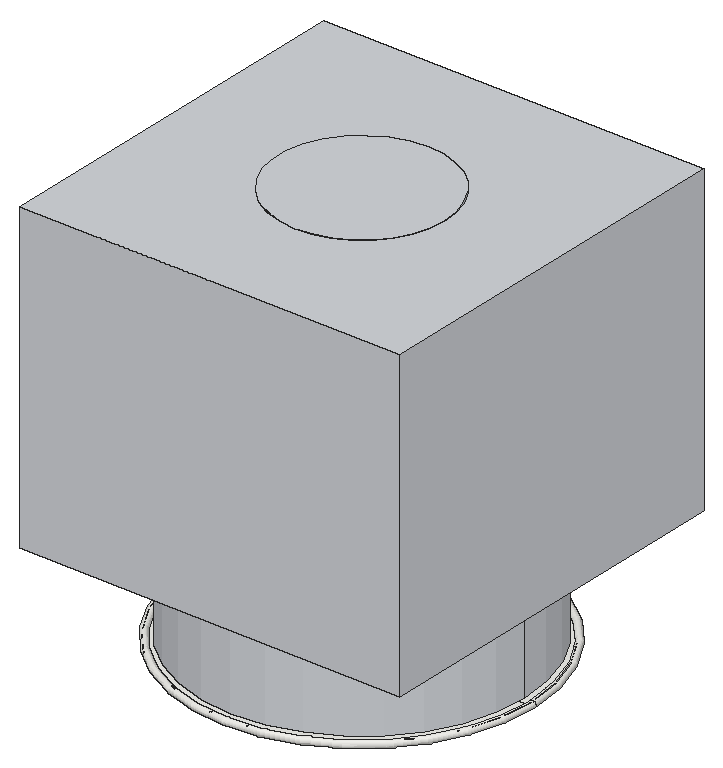
Revit family "MADEL_DIFFUSER_FIXED CONES_DCN+(PLDN - PLDNS) – (1.D1)_00", category Air Terminals, Revit 2015
Parameters (values of type "DCN+PLDN/S-160")
  n_factor [instance] = 23.863
  m_factor = 2.2493  # constant formula
  c_factor [instance] = 0.4892
  b_factor = -4.1956
  Standard = "UNE 23-727 M2/ NFP 92-501 M2/ DIN 4102 M2"  # constant formula
  Revit Version = "Revit 2015 - English"  # constant formula
  Review Date = "11/2016"  # constant formula
  R9010 [instance] = no
  R3E [instance] = no
  R [instance] = yes
  Q [instance] = 221.76 m³/h
  Product Type [instance] = Model  # "DCN+PLDN/S-160"
  Product Size = "dim.160"
  Product Reference [instance] = if([PLDN/S], if(AIS, if(Nº Options = 3, if(R, "DCN+PLDN/S-AIS-R", if(R3E, "DCN+R3E+PLDN/S-AIS", "Consult Manufacturer")), if(Nº Options = 2, "DCN+PLDN/S-AIS", "Consult Manufacturer")), if(Nº Options = 2, if(R, "DCN+PLDN/S-R", if(R3E, "DCN+R3E+PLDN/S", "Consult Manufacturer")), if(Nº Options = 1, "DCN+PLDN/S", "Consult Manufacturer"))), if(PLDN, if(AIS, if(Nº Options = 3, if(R, "DCN+PLDN-AIS-R", if(R3E, "DCN+R3E+PLDN-AIS", "Consult Manufacturer")), if(Nº Options = 2, "DCN+PLDN-AIS", "Consult Manufacturer")), if(Nº Options = 2, if(R, "DCN+PLDN-R", if(R3E, "DCN+R3E+PLDN", "Consult Manufacturer")), if(Nº Options = 1, "DCN+PLDN", "Consult Manufacturer"))), if(Nº Options = 0, "DCN", "Consult Manufacturer")))  # "DCN+PLDN/S-AIS-R"
  Plenum Connection Type [instance] = if(PLDN, "Lateral", "Upper")  # "Upper"
  Plenum Box = Plenum_PLDN-PLDNS (1.D1) : 160
  PLDN/S = if(PLDN, 1 = 0, 1 = 1)  # yes
  PLDN = no
  Nº Plenum Connections = 1  # constant formula
  Nº Options [instance] = if(PLDN, 1, 0) + if(R, 1, 0) + if(AIS, 1, 0) + if([PLDN/S], 1, 0) + if(R3E, 1, 0)  # 3
  Vmin = 2.5 m/s  # constant formula
  Vmed = (Vmax + Vmin) / 2  # 3.85 m/s
  Vmax = 5.2 m/s
  V[m/s] [instance] = Q / Afree / 1.0 m/s  # 3.85
  URL = "http://www.madel.com/en/producto/dcn-fixed-cones-diffusers/"
  RAL [instance] = ""
  Nº Finishes [instance] = if(M9016, 1, 0) + if(R9010, 1, 0) + if(AA, 1, 0)  # 1
  Model = "DCN+PLDN/S-160"
  Material and finishes [instance] = if(and(M9016, Nº Finishes = 1), "M9016", if(and(R9010, Nº Finishes = 1), "R9010", if(and(AA, Nº Finishes = 1), "AA", if(Nº Finishes = 0, "Especificar RAL", "Consult Manufacturer"))))  # "M9016"
  Material Plenum Box = none
  Material Difusser = MADEL_M9016
  M9016 [instance] = yes
  Type Image = <None>
  Lw (dB(A)) [instance] = n_factor * (log([V[m/s]]) / log(2.7183)) + c_factor  # 32.6583
  IfcExportType = "IfcAirTerminalType"  # constant formula
  IfcExportAs = "IfcAirTerminalType"  # constant formula
  Min Flow = Vmin * Afree  # 144 m³/h
  Max Flow = Vmax * Afree  # 299.52 m³/h
  Manufacturer = "MADEL"  # constant formula
  Family Version = "1.0"  # constant formula
  Difusser = MADEL_DIFUSOR_CIRCULAR_DCN-CONOS : DCN-160
  Description = "MADEL_Fixed cones diffusers"  # constant formula
  D_Connector = 125.0 mm
  DPt [instance] = (10 ^ (log(Q / 1 m³/h) * m_factor + b_factor)) * 1.0 Pa  # 12.0469 Pa
  D1 = D_Connector - 2.0 mm  # 123.0 mm
  Type Comments = "The DCN series diffusers are designed to be used in air-conditioning, ventilation and heating. They can be mounted in false ceilings or suspended from the ceiling. Its circular shape assures a uniform air pattern in all directions, which provides a high level of induction rate of the air in the atmosphere. They can be used in premises up to 4 meters high and with a temperature differential up to 12º, obtaining good results, not only in air speed but also in sound pressure level in the comfort zone."  # constant formula
  Created by = "BIMETRICAL"  # constant formula
  BIMETRICAL Category = "AirTerminal"  # constant formula
  BIMETRICAL = "http://www.bimetrical.com"  # constant formula
  Afree = 0.0160 m²
  AIS [instance] = yes
  AA [instance] = no
Types (12, lengths in mm): name | n_factor | c_factor | b_factor | Q | Product Type | Product Size | Product Reference | Plenum Connection Type | Plenum Box | PLDN/S | PLDN | Vmed | Vmax | V[m/s] | Model | Lw (dB(A)) | Min Flow | Max Flow | Difusser | D_Connector | DPt | D1 | Afree
  DCN+PLDN-160 | 23.863 | 0.4892 | -4.1956 | 221.76 m³/h | "DCN+PLDN-160" | "dim.160" | "DCN+PLDN-AIS-R" | "Lateral" | Plenum_PLDN-PLDNS (1.D1) : 160 | no | yes | 3.85 m/s | 5.2 m/s | 3.85 | "DCN+PLDN-160" | 32.6583 | 144 m³/h | 299.52 m³/h | MADEL_DIFUSOR_CIRCULAR_DCN-CONOS : DCN-160 | 125.0 | 12.0469 Pa | 123.0 | 0.0160 m²
  DCN+PLDN-200 | 21.253 | 2.729 | -4.6467 | 302.4 m³/h | "DCN+PLDN-200" | "dim.200" | "DCN+PLDN-AIS-R" | "Lateral" | Plenum_PLDN-PLDNS (1.D1) : 200 | no | yes | 4.2 m/s | 5.9 m/s | 4.2 | "DCN+PLDN-200" | 33.2288 | 180 m³/h | 424.8 m³/h | MADEL_DIFUSOR_CIRCULAR_DCN-CONOS : DCN-200 | 160.0 | 8.56541 Pa | 158.0 | 0.0200 m²
  DCN+PLDN-250 | 23.814 | 1.9153 | -4.9915 | 445.5 m³/h | "DCN+PLDN-250" | "dim.250" | "DCN+PLDN-AIS-R" | "Lateral" | Plenum_PLDN-PLDNS (1.D1) : 250 | no | yes | 3.75 m/s | 5.0 m/s | 3.75 | "DCN+PLDN-250" | 33.3916 | 297 m³/h | 594 m³/h | MADEL_DIFUSOR_CIRCULAR_DCN-CONOS : DCN-250 | 200.0 | 9.25643 Pa | 198.0 | 0.0330 m²
  DCN+PLDN-315 | 22.557 | 4.2741 | -5.3438 | 621 m³/h | "DCN+PLDN-315" | "dim.315" | "DCN+PLDN-AIS-R" | "Lateral" | Plenum_PLDN-PLDNS (1.D1) : 315 | no | yes | 3.75 m/s | 5.0 m/s | 3.75 | "DCN+PLDN-315" | 34.0889 | 414 m³/h | 828 m³/h | MADEL_DIFUSOR_CIRCULAR_DCN-CONOS : DCN-315 | 250.0 | 8.6808 Pa | 248.0 | 0.0460 m²
  DCN+PLDN-355 | 19.887 | 9.3703 | -5.6448 | 722.7 m³/h | "DCN+PLDN-355" | "dim.355" | "DCN+PLDN-AIS-R" | "Lateral" | Plenum_PLDN-PLDNS (1.D1) : 355 | no | yes | 3.65 m/s | 4.8 m/s | 3.65 | "DCN+PLDN-355" | 35.1185 | 495 m³/h | 950.4 m³/h | MADEL_DIFUSOR_CIRCULAR_DCN-CONOS : DCN-355 | 250.0 | 6.10535 Pa | 248.0 | 0.0550 m²
  DCN+PLDN-400 | 21.183 | 10.261 | -5.9678 | 844.2 m³/h | "DCN+PLDN-400" | "dim.400" | "DCN+PLDN-AIS-R" | "Lateral" | Plenum_PLDN-PLDNS (1.D1) : 400 | no | yes | 3.35 m/s | 4.2 m/s | 3.35 | "DCN+PLDN-400" | 35.8704 | 630 m³/h | 1058.4 m³/h | MADEL_DIFUSOR_CIRCULAR_DCN-CONOS : DCN-400 | 315.0 | 4.11692 Pa | 313.0 | 0.0700 m²
  DCN+PLDN/S-160 | 23.863 | 0.4892 | -4.1956 | 221.76 m³/h | "DCN+PLDN/S-160" | "dim.160" | "DCN+PLDN/S-AIS-R" | "Upper" | Plenum_PLDN-PLDNS (1.D1) : 160 | yes | no | 3.85 m/s | 5.2 m/s | 3.85 | "DCN+PLDN/S-160" | 32.6583 | 144 m³/h | 299.52 m³/h | MADEL_DIFUSOR_CIRCULAR_DCN-CONOS : DCN-160 | 125.0 | 12.0469 Pa | 123.0 | 0.0160 m²
  DCN+PLDN/S-200 | 21.253 | 2.729 | -4.6467 | 302.4 m³/h | "DCN+PLDN/S-200" | "dim.200" | "DCN+PLDN/S-AIS-R" | "Upper" | Plenum_PLDN-PLDNS (1.D1) : 200 | yes | no | 4.2 m/s | 5.9 m/s | 4.2 | "DCN+PLDN/S-200" | 33.2288 | 180 m³/h | 424.8 m³/h | MADEL_DIFUSOR_CIRCULAR_DCN-CONOS : DCN-200 | 160.0 | 8.56541 Pa | 158.0 | 0.0200 m²
  DCN+PLDN/S-250 | 23.814 | 1.9153 | -4.9915 | 445.5 m³/h | "DCN+PLDN/S-250" | "dim.250" | "DCN+PLDN/S-AIS-R" | "Upper" | Plenum_PLDN-PLDNS (1.D1) : 250 | yes | no | 3.75 m/s | 5.0 m/s | 3.75 | "DCN+PLDN/S-250" | 33.3916 | 297 m³/h | 594 m³/h | MADEL_DIFUSOR_CIRCULAR_DCN-CONOS : DCN-250 | 200.0 | 9.25643 Pa | 198.0 | 0.0330 m²
  DCN+PLDN/S-315 | 22.557 | 4.2741 | -5.3438 | 621 m³/h | "DCN+PLDN/S-315" | "dim.315" | "DCN+PLDN/S-AIS-R" | "Upper" | Plenum_PLDN-PLDNS (1.D1) : 315 | yes | no | 3.75 m/s | 5.0 m/s | 3.75 | "DCN+PLDN/S-315" | 34.0889 | 414 m³/h | 828 m³/h | MADEL_DIFUSOR_CIRCULAR_DCN-CONOS : DCN-315 | 250.0 | 8.6808 Pa | 248.0 | 0.0460 m²
  DCN+PLDN/S-355 | 19.887 | 9.3703 | -5.6448 | 722.7 m³/h | "DCN+PLDN/S-355" | "dim.355" | "DCN+PLDN/S-AIS-R" | "Upper" | Plenum_PLDN-PLDNS (1.D1) : 355 | yes | no | 3.65 m/s | 4.8 m/s | 3.65 | "DCN+PLDN/S-355" | 35.1185 | 495 m³/h | 950.4 m³/h | MADEL_DIFUSOR_CIRCULAR_DCN-CONOS : DCN-355 | 250.0 | 6.10535 Pa | 248.0 | 0.0550 m²
  DCN+PLDN/S-400 | 21.183 | 10.261 | -5.9678 | 844.2 m³/h | "DCN+PLDN/S-400" | "dim.400" | "DCN+PLDN/S-AIS-R" | "Upper" | Plenum_PLDN-PLDNS (1.D1) : 400 | yes | no | 3.35 m/s | 4.2 m/s | 3.35 | "DCN+PLDN/S-400" | 35.8704 | 630 m³/h | 1058.4 m³/h | MADEL_DIFUSOR_CIRCULAR_DCN-CONOS : DCN-400 | 315.0 | 4.11692 Pa | 313.0 | 0.0700 m²
Reference planes
  plane 1 "Centro (Frontal/Posterior)": z = -5
  plane 2: y = 435
  plane 3 "Centro (Izquierda/Derecha)": x = 0
  plane 4: z = 1.2
Dimensions and locks
  plane 4 to plane 1 "Centro (Frontal/Posterior)" = 6.2 mm
  aligned and locked: plane 2 to nested 1
  aligned and locked: plane 3 "Centro (Izquierda/Derecha)" to nested 1
  aligned and locked: plane 1 "Centro (Frontal/Posterior)" to nested 1
  aligned and locked: plane 2 to nested 2
  aligned and locked: plane 3 "Centro (Izquierda/Derecha)" to nested 2
Nested families
  nested 1: "MADEL_DIFUSOR_CIRCULAR_DCN-CONOS" at (0, 435, -5), type <- "Difusser", type "DCN-160"
  nested 2: "Plenum_PLDN-PLDNS (1.D1)" at (0, 435, 0), type <- "Plenum Box", type "160"
    with L1 150.0 mm, PLDN no, PLDN/S yes, H2 150.0 mm, An 90.00°
Connectors
  hvac at (0, 435, 300), driven by "DPt", driven by "Q", driven by "D_Connector"
    settings: on nested 2, index 1, duct flow 221.76 m³/h, flow factor 0, pres drop 12.0469 Pa, loss coef 0, conn angle 0.00°, conn width 304.8 mm, conn height 304.8 mm, conn diameter 125 mm, duct sys type 1, conn prof type 0, flow config 1, flow direction 1, loss method 4, conn ref index -1, conn util no, is conn primary yes, conn desc ""
Definition of nested family "MADEL_DIFUSOR_CIRCULAR_DCN-CONOS"
  Parameters (values of type "DCN-400")
    V400 = yes
    V355 = yes
    V315 = yes
    V250 = yes
    V200 = yes
    V160 = yes
    Material Difusor = none
    Cono Interior = DCN_INT : DCN_INT
    Cono Exterior = DCN_EXT_400 : DCN_EXT_400
  Types (7, lengths in mm): name | V400 | V355 | V315 | V250 | V200 | Cono Exterior
    (no name) | yes | yes | yes | yes | yes | DCN_EXT_400 : DCN_EXT_400
    DCN-160 | no | no | no | no | no | DCN_EXT_160 : DCN_EXT_160
    DCN-200 | no | no | no | no | yes | DCN_EXT_200 : DCN_EXT_200
    DCN-250 | no | no | no | yes | yes | DCN_EXT_250 : DCN_EXT_250
    DCN-315 | no | no | yes | yes | yes | DCN_EXT_315 : DCN_EXT_315
    DCN-355 | no | yes | yes | yes | yes | DCN_EXT_355 : DCN_EXT_355
    DCN-400 | yes | yes | yes | yes | yes | DCN_EXT_400 : DCN_EXT_400
  Reference planes
    plane 1 "Centro (Frontal/Posterior)": y = 0
    plane 2: z = 0
    plane 3 "Centro (Izquierda/Derecha)": x = 0
  Dimensions and locks
    aligned and locked: level to plane 2
  Nested families
    nested 1: "DCN_EXT_400" at (0, 0, 0), type <- "Cono Exterior", type "DCN_EXT_400"
    nested 2: "DCN_INT" at (0, 0, 0), type "DCN_INT"
    nested 3: "DCN_MED_160" at (0, 0, 0), visible <- "V160", type "DCN_MED_160"
    nested 4: "DCN_MED_200" at (0, 0, 0), visible <- "V200", type "DCN_MED_200"
    nested 5: "DCN_MED_250" at (0, 0, 0), visible <- "V250", type "DCN_MED_250"
    nested 6: "DCN_MED_315" at (0, 0, 0), visible <- "V315", type "DCN_MED_315"
    nested 7: "DCN_MED_355" at (0, 0, 0), visible <- "V355", type "DCN_MED_355"
    nested 8: "DCN_MED_400" at (0, 0, 0), visible <- "V400", type "DCN_MED_400"
  Definition of nested family "DCN_EXT_400"
    Parameters (values of type "DCN_EXT_400")
      Ø int = Ø ext - 50.0 mm  # 449.6 mm
      Ø ext = 499.6 mm
      Material Difusor = none
    Reference planes
      plane 1 "Centro (Frontal/Posterior)": y = 0
      plane 2: z = 0
      plane 3 "Centro (Izquierda/Derecha)": x = 0
    Forms (mm)
      Revolve 1, solid, material <- "Material Difusor", detail levels medium+fine
        sketch origin (0, 0, 0) x (1, 0, 0) y (0, 0, 1)
          loop
            arc (-226.157, 5.05) -> (-226.693, 4.693) -> (-226.9, 4.083) r 1
            line (-226.9, 4.083) -> (-226.9, 1.2) -> (-247.3, 1.2)
            arc (-247.3, 1.2) -> (-248.198, 3.44) -> (-246.001, 2.441) r 1.3
            line (-246.001, 2.441) -> (-244.803, 2.386)
            arc (-244.803, 2.386) -> (-249.027, 4.308) -> (-247.3, 0) r 2.5
            line (-247.3, 0) -> (-226.8, 0)
            arc (-226.8, 0) -> (-226.093, 0.293) -> (-225.8, 1) r 1
            line (-225.8, 1) -> (-225.8, 4.006)
            arc (-225.8, 4.006) -> (-203.104, 19.164) -> (-194.33, 45.006) r 42.443
            line (-194.33, 45.006) -> (-195.43, 45.006)
            arc (-195.43, 45.006) -> (-204, 19.804) -> (-226.157, 5.05) r 41.343
          axis (0, 45.006) -> (0, 0)
        angle from 0 to 360
      Revolve 2, solid, material <- "Material Difusor", detail levels coarse
        sketch origin (0, 0, 0) x (1, 0, 0) y (0, 0, 1)
          loop
            line (0, 45.006) -> (-195.43, 45.006)
            arc (-195.43, 45.006) -> (-204, 19.804) -> (-226.157, 5.05) r 41.343
            arc (-226.157, 5.05) -> (-226.693, 4.693) -> (-226.9, 4.083) r 1
            line (-226.9, 4.083) -> (-226.9, 1.2) -> (-247.3, 1.2)
            arc (-247.3, 1.2) -> (-248.198, 3.44) -> (-246.001, 2.441) r 1.3
            line (-246.001, 2.441) -> (-244.803, 2.386)
            arc (-244.803, 2.386) -> (-249.027, 4.308) -> (-247.3, 0) r 2.5
            line (-247.3, 0) -> (0, 0) -> (0, 45.006)
          axis (0, 45.006) -> (0, 0)
        angle from 0 to 360
    Lines and regions (mm)
      symbolic lines
        curve 1: circle (0, 0, 0) r 249.8 normal (0, 0, 1)
        curve 2: circle (0, 0, 0) r 224.8 normal (0, 0, 1)
    Dimensions and locks
      "Ø ext": diameter of curve 1
      "Ø int": diameter of curve 2
      aligned and locked: level to plane 2
    Automatic sketch dimensions
      Revolve 2 sketch curve to Revolve 2 sketch curve = 0.0 mm  (x2)
      Revolve 2 sketch curve to plane 3 "Centro (Izquierda/Derecha)" = 0.0 mm  (x2)
      Revolve 2 sketch curve to level = 0.0 mm
      Revolve 2 sketch curve to Revolve 2 sketch curve = 1.0 mm
      level to Revolve 2 sketch curve = 2.386 mm
      Revolve 2 sketch curve to Revolve 2 sketch curve = 17.903 mm
      level to Revolve 2 sketch curve = 2.441 mm
      Revolve 2 sketch curve to Revolve 2 sketch curve = 1.199 mm
      Revolve 2 sketch curve to Revolve 2 sketch curve = 1.299 mm
      level to Revolve 2 sketch curve = 45.006 mm
      Revolve 2 sketch curve to level = 366.045 mm
      Revolve 2 sketch curve to Revolve 2 sketch curve = 2169.309 mm
      Revolve 2 sketch curve to Revolve 2 sketch curve = 195.43 mm
      Revolve 2 sketch curve to Revolve 2 sketch curve = 41.343 mm
      Revolve 2 sketch curve to Revolve 2 sketch curve = 8.03 mm
      Revolve 2 sketch curve to Revolve 2 sketch curve = 2.883 mm
      Revolve 1 sketch curve to Revolve 1 sketch curve = 0.0 mm  (x3)
      Revolve 1 sketch curve to level = 0.0 mm
      Revolve 1 sketch curve to plane 3 "Centro (Izquierda/Derecha)" = 0.0 mm
      level to Revolve 1 sketch curve = 45.006 mm
      Revolve 1 sketch curve to plane 3 "Centro (Izquierda/Derecha)" = 194.33 mm
      Revolve 1 sketch curve to Revolve 1 sketch curve = 1.1 mm
      level to Revolve 1 sketch curve = 1.0 mm
      Revolve 1 sketch curve to Revolve 1 sketch curve = 30.37 mm
      Revolve 1 sketch curve to Revolve 1 sketch curve = 0.1 mm  (x2)
      Revolve 1 sketch curve to Revolve 1 sketch curve = 41.343 mm
      level to Revolve 1 sketch curve = 2.386 mm
      Revolve 1 sketch curve to Revolve 1 sketch curve = 17.903 mm
      level to Revolve 1 sketch curve = 2.441 mm
      Revolve 1 sketch curve to Revolve 1 sketch curve = 1.199 mm
      Revolve 1 sketch curve to Revolve 1 sketch curve = 1.299 mm
      Revolve 1 sketch curve to Revolve 1 sketch curve = 0.077 mm
      Revolve 1 sketch curve to level = 366.045 mm
      Revolve 1 sketch curve to Revolve 1 sketch curve = 2169.309 mm
      curve 1 to curve 2 = 0.0 mm  (x2)
      plane 1 "Centro (Frontal/Posterior)" to curve 2 = 0.0 mm
      curve 2 to plane 3 "Centro (Izquierda/Derecha)" = 0.0 mm
  Definition of nested family "DCN_INT"
    Parameters (values of type "DCN_INT")
      Ø ext = 87.5 mm
      Material Difusor = none
    Reference planes
      plane 1 "Centro (Frontal/Posterior)": y = 0
      plane 2: z = 0
      plane 3 "Centro (Izquierda/Derecha)": x = 0
    Forms (mm)
      Revolve 1, solid, material <- "Material Difusor", detail levels medium+fine
        sketch origin (0, 0, 0) x (1, 0, 0) y (0, 0, 1)
          loop
            arc (-41.858, 0) -> (-23.06, 11.988) -> (-13.315, 32.04) r 41
            arc (-13.315, 32.04) -> (-12.458, 33.517) -> (-10.854, 34.1) r 2.5
            line (-10.854, 34.1) -> (-3.95, 34.1) -> (-3.95, 35.2) -> (-10.854, 35.2)
            arc (-10.854, 35.2) -> (-13.164, 34.361) -> (-14.398, 32.234) r 3.6
            arc (-14.398, 32.234) -> (-24.04, 12.543) -> (-42.631, 0.919) r 39.9
            line (-42.631, 0.919) -> (-41.858, 0)
          axis (0, 35.2) -> (0, 0)
        angle from 0 to 360
    Lines and regions (mm)
      symbolic lines
        curve 1: circle (0, 0, 0) r 43.75 normal (0, 0, 1)
    Dimensions and locks
      "Ø ext": diameter of curve 1
      aligned and locked: level to plane 2
    Automatic sketch dimensions
      Revolve 1 sketch curve to plane 3 "Centro (Izquierda/Derecha)" = 0.0 mm
      Revolve 1 sketch curve to level = 366.045 mm
      level to Revolve 1 sketch curve = 2214.315 mm
      Revolve 1 sketch curve to Revolve 1 sketch curve = 0.0 mm  (x4)
      level to Revolve 1 sketch curve = 0.919 mm
      Revolve 1 sketch curve to Revolve 1 sketch curve = 11.043 mm
      level to Revolve 1 sketch curve = 0.0 mm
      Revolve 1 sketch curve to Revolve 1 sketch curve = 0.772 mm
      Revolve 1 sketch curve to Revolve 1 sketch curve = 42.82 mm
      Revolve 1 sketch curve to Revolve 1 sketch curve = 6.904 mm
      Revolve 1 sketch curve to Revolve 1 sketch curve = 30.681 mm
      Revolve 1 sketch curve to Revolve 1 sketch curve = 2.5 mm
      Revolve 1 sketch curve to Revolve 1 sketch curve = 1.1 mm
      Revolve 1 sketch curve to Revolve 1 sketch curve = 38.341 mm
      Revolve 1 sketch curve to plane 3 "Centro (Izquierda/Derecha)" = 53.674 mm
      plane 1 "Centro (Frontal/Posterior)" to curve 1 = 0.0 mm
      curve 1 to plane 3 "Centro (Izquierda/Derecha)" = 0.0 mm
  Definition of nested family "DCN_MED_160"
    Parameters (values of type "DCN_MED_160")
      Ø ext = 141.0 mm
      Material Difusor = none
    Reference planes
      plane 1 "Centro (Frontal/Posterior)": y = 0
      plane 2: z = 0
      plane 3 "Centro (Izquierda/Derecha)": x = 0
    Forms (mm)
      Revolve 1, solid, material <- "Material Difusor", detail levels medium+fine
        sketch origin (0, 0, 0) x (1, 0, 0) y (0, 0, 1)
          loop
            line (-70.5, 1.027) -> (-70.106, 0)
            arc (-70.106, 0) -> (-52.728, 13.682) -> (-46.154, 34.8) r 37.3
            line (-46.154, 34.8) -> (-47.254, 34.801)
            arc (-47.254, 34.801) -> (-53.635, 14.306) -> (-70.5, 1.027) r 36.2
          axis (0, 34.801) -> (0, 0)
        angle from 0 to 360
    Lines and regions (mm)
      symbolic lines
        curve 1: circle (0, 0, 0) r 70.5 normal (0, 0, 1)
    Dimensions and locks
      "Ø ext": diameter of curve 1
      aligned and locked: level to plane 2
    Automatic sketch dimensions
      Revolve 1 sketch curve to Revolve 1 sketch curve = 0.0 mm  (x2)
      Revolve 1 sketch curve to level = 0.0 mm
      Revolve 1 sketch curve to plane 3 "Centro (Izquierda/Derecha)" = 0.0 mm
      Revolve 1 sketch curve to plane 3 "Centro (Izquierda/Derecha)" = 46.154 mm
      Revolve 1 sketch curve to Revolve 1 sketch curve = 1.1 mm
      Revolve 1 sketch curve to Revolve 1 sketch curve = 22.853 mm
      level to Revolve 1 sketch curve = 1.027 mm
      Revolve 1 sketch curve to Revolve 1 sketch curve = 0.394 mm
      level to Revolve 1 sketch curve = 34.83 mm
      Revolve 1 sketch curve to Revolve 1 sketch curve = 12.954 mm
      Revolve 1 sketch curve to level = 366.045 mm
      Revolve 1 sketch curve to Revolve 1 sketch curve = 2179.515 mm
      plane 1 "Centro (Frontal/Posterior)" to curve 1 = 0.0 mm
      curve 1 to plane 3 "Centro (Izquierda/Derecha)" = 0.0 mm
  Definition of nested family "DCN_MED_200"
    Parameters (values of type "DCN_MED_200")
      Ø ext = 194.0 mm
      Material Difusor = none
    Reference planes
      plane 1 "Centro (Frontal/Posterior)": y = 0
      plane 2: z = 0
      plane 3 "Centro (Izquierda/Derecha)": x = 0
    Forms (mm)
      Revolve 1, solid, material <- "Material Difusor", detail levels medium+fine
        sketch origin (0, 0, 0) x (1, 0, 0) y (0, 0, 1)
          loop
            line (-97, 1.027) -> (-96.606, 0)
            arc (-96.606, 0) -> (-79.228, 13.682) -> (-72.654, 34.8) r 37.3
            line (-72.654, 34.8) -> (-73.754, 34.801)
            arc (-73.754, 34.801) -> (-80.135, 14.306) -> (-97, 1.027) r 36.2
          axis (0, 34.801) -> (0, 0)
        angle from 0 to 360
    Lines and regions (mm)
      symbolic lines
        curve 1: circle (0, 0, 0) r 97 normal (0, 0, 1)
    Dimensions and locks
      "Ø ext": diameter of curve 1
      aligned and locked: level to plane 2
    Automatic sketch dimensions
      Revolve 1 sketch curve to Revolve 1 sketch curve = 0.0 mm  (x2)
      Revolve 1 sketch curve to level = 0.0 mm
      Revolve 1 sketch curve to plane 3 "Centro (Izquierda/Derecha)" = 0.0 mm
      Revolve 1 sketch curve to plane 3 "Centro (Izquierda/Derecha)" = 72.654 mm
      Revolve 1 sketch curve to Revolve 1 sketch curve = 1.1 mm
      Revolve 1 sketch curve to Revolve 1 sketch curve = 22.853 mm
      level to Revolve 1 sketch curve = 1.027 mm
      Revolve 1 sketch curve to Revolve 1 sketch curve = 0.394 mm
      level to Revolve 1 sketch curve = 34.83 mm
      Revolve 1 sketch curve to Revolve 1 sketch curve = 12.954 mm
      Revolve 1 sketch curve to level = 366.045 mm
      Revolve 1 sketch curve to Revolve 1 sketch curve = 2179.515 mm
      plane 1 "Centro (Frontal/Posterior)" to curve 1 = 0.0 mm
      curve 1 to plane 3 "Centro (Izquierda/Derecha)" = 0.0 mm
  Definition of nested family "DCN_MED_250"
    Parameters (values of type "DCN_MED_250")
      Ø ext = 248.0 mm
      Material Difusor = none
    Reference planes
      plane 1 "Centro (Frontal/Posterior)": y = 0
      plane 2: z = 0
      plane 3 "Centro (Izquierda/Derecha)": x = 0
    Forms (mm)
      Revolve 1, solid, material <- "Material Difusor", detail levels medium+fine
        sketch origin (0, 0, 0) x (1, 0, 0) y (0, 0, 1)
          loop
            line (-124, 1.027) -> (-123.606, 0)
            arc (-123.606, 0) -> (-106.228, 13.682) -> (-99.654, 34.8) r 37.3
            line (-99.654, 34.8) -> (-100.754, 34.801)
            arc (-100.754, 34.801) -> (-107.135, 14.306) -> (-124, 1.027) r 36.2
          axis (0, 34.801) -> (0, 0)
        angle from 0 to 360
    Lines and regions (mm)
      symbolic lines
        curve 1: circle (0, 0, 0) r 124 normal (0, 0, 1)
    Dimensions and locks
      "Ø ext": diameter of curve 1
      aligned and locked: level to plane 2
    Automatic sketch dimensions
      Revolve 1 sketch curve to Revolve 1 sketch curve = 0.0 mm  (x2)
      Revolve 1 sketch curve to level = 0.0 mm
      Revolve 1 sketch curve to plane 3 "Centro (Izquierda/Derecha)" = 0.0 mm
      level to Revolve 1 sketch curve = 34.8 mm
      Revolve 1 sketch curve to plane 3 "Centro (Izquierda/Derecha)" = 99.654 mm
      Revolve 1 sketch curve to Revolve 1 sketch curve = 1.1 mm
      Revolve 1 sketch curve to Revolve 1 sketch curve = 22.853 mm
      level to Revolve 1 sketch curve = 1.027 mm
      level to Revolve 1 sketch curve = 34.83 mm
      Revolve 1 sketch curve to level = 366.045 mm
      Revolve 1 sketch curve to Revolve 1 sketch curve = 0.394 mm
      Revolve 1 sketch curve to Revolve 1 sketch curve = 2179.515 mm
      plane 1 "Centro (Frontal/Posterior)" to curve 1 = 0.0 mm
      curve 1 to plane 3 "Centro (Izquierda/Derecha)" = 0.0 mm
  Definition of nested family "DCN_MED_315"
    Parameters (values of type "DCN_MED_315")
      Ø ext = 299.0 mm
      Material Difusor = none
    Reference planes
      plane 1 "Centro (Frontal/Posterior)": y = 0
      plane 2: z = 0
      plane 3 "Centro (Izquierda/Derecha)": x = 0
    Forms (mm)
      Revolve 1, solid, material <- "Material Difusor", detail levels medium+fine
        sketch origin (0, 0, 0) x (1, 0, 0) y (0, 0, 1)
          loop
            line (-149.5, 1.027) -> (-149.106, 0)
            arc (-149.106, 0) -> (-131.728, 13.682) -> (-125.154, 34.8) r 37.3
            line (-125.154, 34.8) -> (-126.254, 34.801)
            arc (-126.254, 34.801) -> (-132.635, 14.306) -> (-149.5, 1.027) r 36.2
          axis (0, 34.801) -> (0, 0)
        angle from 0 to 360
    Lines and regions (mm)
      symbolic lines
        curve 1: circle (0, 0, 0) r 149.5 normal (0, 0, 1)
    Dimensions and locks
      "Ø ext": diameter of curve 1
      aligned and locked: level to plane 2
    Automatic sketch dimensions
      Revolve 1 sketch curve to Revolve 1 sketch curve = 0.0 mm  (x2)
      Revolve 1 sketch curve to level = 0.0 mm
      Revolve 1 sketch curve to plane 3 "Centro (Izquierda/Derecha)" = 0.0 mm
      level to Revolve 1 sketch curve = 34.8 mm
      Revolve 1 sketch curve to plane 3 "Centro (Izquierda/Derecha)" = 125.154 mm
      Revolve 1 sketch curve to Revolve 1 sketch curve = 1.1 mm
      Revolve 1 sketch curve to Revolve 1 sketch curve = 22.853 mm
      level to Revolve 1 sketch curve = 1.027 mm
      level to Revolve 1 sketch curve = 34.83 mm
      Revolve 1 sketch curve to Revolve 1 sketch curve = 0.394 mm
      Revolve 1 sketch curve to level = 366.045 mm
      Revolve 1 sketch curve to Revolve 1 sketch curve = 2179.515 mm
      plane 1 "Centro (Frontal/Posterior)" to curve 1 = 0.0 mm
      curve 1 to plane 3 "Centro (Izquierda/Derecha)" = 0.0 mm
  Definition of nested family "DCN_MED_355"
    Parameters (values of type "DCN_MED_355")
      Ø ext = 349.0 mm
      Material Difusor = none
    Reference planes
      plane 1 "Centro (Frontal/Posterior)": y = 0
      plane 2: z = 0
      plane 3 "Centro (Izquierda/Derecha)": x = 0
    Forms (mm)
      Revolve 1, solid, material <- "Material Difusor", detail levels medium+fine
        sketch origin (0, 0, 0) x (1, 0, 0) y (0, 0, 1)
          loop
            line (-174.5, 1.027) -> (-174.106, 0)
            arc (-174.106, 0) -> (-156.728, 13.682) -> (-150.154, 34.8) r 37.3
            line (-150.154, 34.8) -> (-151.254, 34.801)
            arc (-151.254, 34.801) -> (-157.635, 14.306) -> (-174.5, 1.027) r 36.2
          axis (0, 34.801) -> (0, 0)
        angle from 0 to 360
    Lines and regions (mm)
      symbolic lines
        curve 1: circle (0, 0, 0) r 174.5 normal (0, 0, 1)
    Dimensions and locks
      "Ø ext": diameter of curve 1
      aligned and locked: level to plane 2
    Automatic sketch dimensions
      Revolve 1 sketch curve to Revolve 1 sketch curve = 0.0 mm  (x4)
      Revolve 1 sketch curve to level = 0.0 mm
      Revolve 1 sketch curve to plane 3 "Centro (Izquierda/Derecha)" = 0.0 mm
      level to Revolve 1 sketch curve = 34.8 mm
      Revolve 1 sketch curve to plane 3 "Centro (Izquierda/Derecha)" = 150.154 mm
      Revolve 1 sketch curve to Revolve 1 sketch curve = 1.1 mm
      Revolve 1 sketch curve to Revolve 1 sketch curve = 22.853 mm
      level to Revolve 1 sketch curve = 1.027 mm
      Revolve 1 sketch curve to level = 366.045 mm
      Revolve 1 sketch curve to Revolve 1 sketch curve = 0.394 mm
      level to Revolve 1 sketch curve = 34.83 mm
      Revolve 1 sketch curve to Revolve 1 sketch curve = 2179.515 mm
      plane 1 "Centro (Frontal/Posterior)" to curve 1 = 0.0 mm
      curve 1 to plane 3 "Centro (Izquierda/Derecha)" = 0.0 mm
  Definition of nested family "DCN_MED_400"
    Parameters (values of type "DCN_MED_400")
      Ø ext = 400.0 mm
      Material Difusor = none
    Reference planes
      plane 1 "Centro (Frontal/Posterior)": y = 0
      plane 2: z = 0
      plane 3 "Centro (Izquierda/Derecha)": x = 0
    Forms (mm)
      Revolve 1, solid, material <- "Material Difusor", detail levels medium+fine
        sketch origin (0, 0, 0) x (1, 0, 0) y (0, 0, 1)
          loop
            line (-200, 1.027) -> (-199.606, 0)
            arc (-199.606, 0) -> (-182.228, 13.682) -> (-175.654, 34.8) r 37.3
            line (-175.654, 34.8) -> (-176.754, 34.801)
            arc (-176.754, 34.801) -> (-183.135, 14.306) -> (-200, 1.027) r 36.2
          axis (0, 34.801) -> (0, 0)
        angle from 0 to 360
    Lines and regions (mm)
      symbolic lines
        curve 1: circle (0, 0, 0) r 200 normal (0, 0, 1)
    Dimensions and locks
      "Ø ext": diameter of curve 1
      aligned and locked: level to plane 2
    Automatic sketch dimensions
      Revolve 1 sketch curve to Revolve 1 sketch curve = 0.0 mm  (x2)
      Revolve 1 sketch curve to level = 0.0 mm
      Revolve 1 sketch curve to plane 3 "Centro (Izquierda/Derecha)" = 0.0 mm
      level to Revolve 1 sketch curve = 34.8 mm
      Revolve 1 sketch curve to plane 3 "Centro (Izquierda/Derecha)" = 175.654 mm
      Revolve 1 sketch curve to Revolve 1 sketch curve = 1.1 mm
      Revolve 1 sketch curve to Revolve 1 sketch curve = 22.853 mm
      level to Revolve 1 sketch curve = 1.027 mm
      level to Revolve 1 sketch curve = 34.83 mm
      Revolve 1 sketch curve to Revolve 1 sketch curve = 0.394 mm
      Revolve 1 sketch curve to level = 366.045 mm
      Revolve 1 sketch curve to Revolve 1 sketch curve = 2179.515 mm
      plane 1 "Centro (Frontal/Posterior)" to curve 1 = 0.0 mm
      curve 1 to plane 3 "Centro (Izquierda/Derecha)" = 0.0 mm
Definition of nested family "Plenum_PLDN-PLDNS (1.D1)"
  Parameters (values of type "315")
    Z = 340.0 mm
    URL = "http://www.madel.com/product-category/difusion/accesorios/"
    PLDN = yes
    PLDN/S = if(PLDN, 1 = 0, 1 = 1)  # no
    Nº Conexiones = 1  # constant formula
    Model = if([PLDN/S], "PLDN", "PLDN/S")  # "PLDN/S"
    Material Plenum = none
    L1 [instance] = if([PLDN/S], Z / 2, F / 2)  # 217.5 mm
    IfcExportType = "IfcAirTerminalBoxType"  # constant formula
    IfcExportAs = "IfcAirTerminalBoxType"  # constant formula
    H2 = if([PLDN/S], Z / 2, 10.0 mm + (D_Conector / 2))  # 135.0 mm
    Manufacturer = "MADEL"  # constant formula
    F = 435.0 mm
    Description = "Plenum de conexión superior/lateral"  # constant formula
    D_Conector = 250.0 mm
    D3 = D2 - 1.1 mm  # 398.9 mm
    D2 = 400.0 mm
    D1 = D_Conector - 2.0 mm  # 248.0 mm
    Type Comments = "Plenum con conexión circular lateral/superior. Incorpora soportes para suspensión en el techo. Construidos en acero galvanizado."  # constant formula
    An = if([PLDN/S], 90.00°, 180.00°)  # 180.00°
  Types (6, lengths in mm): name | Z | L1 | H2 | F | D_Conector | D3 | D2 | D1
    160 | 300.0 | 142.5 | 72.5 | 285.0 | 125.0 | 243.9 | 245.0 | 123.0
    200 | 300.0 | 167.5 | 90.0 | 335.0 | 160.0 | 283.9 | 285.0 | 158.0
    250 | 300.0 | 192.5 | 110.0 | 385.0 | 200.0 | 333.9 | 335.0 | 198.0
    315 | 340.0 | 217.5 | 135.0 | 435.0 | 250.0 | 398.9 | 400.0 | 248.0
    355 | 340.0 | 242.5 | 135.0 | 485.0 | 250.0 | 438.9 | 440.0 | 248.0
    400 | 420.0 | 267.5 | 167.5 | 535.0 | 315.0 | 483.9 | 485.0 | 313.0
  Reference planes
    plane 1 "Centro (Frontal/Posterior)": y = 0
    plane 2: z = 0
    plane 3 "Centro (Izquierda/Derecha)": x = 0
    plane 4: z = 340
    plane 5: y = 217.5
    plane 6: y = -217.5
    plane 7: x = 217.5
    plane 8: x = -217.5
    plane 9: z = 335
    plane 10: z = 205
    plane 11: z = 70
  Forms (mm)
    Extrusion 1, solid, material <- "Material Plenum"
      sketch origin (0, 0, 0) x (1, 0, 0) y (0, 1, 0)
        loop
          line (-217.5, 217.5) -> (-217.5, -217.5) -> (217.5, -217.5) -> (217.5, 217.5) -> (-217.5, 217.5)
      from 70 to 340
    Extrusion 2, solid, material <- "Material Plenum"
      sketch origin (-217.5, 0, 205) x (0, -1, 0) y (0, 0, 1)
        loop
          circle (0, 0) r 125
      from 0 to -5
    Extrusion 3, solid, material <- "Material Plenum"
      sketch origin (0, 0, 0) x (1, 0, 0) y (0, 1, 0)
        loop
          circle (0, 0) r 200
        loop
          circle (0, 0) r 199.45
      from 0 to 70
  Lines and regions (mm)
    reference lines
      curve 1: line (0, 0, 205) -> (-217.5, 0, 205)
  Dimensions and locks
    equal spacing: plane 8, plane 3 "Centro (Izquierda/Derecha)", plane 7
    "F": plane 8 to plane 7
    equal spacing: plane 6, plane 1 "Centro (Frontal/Posterior)", plane 5
    "F": plane 6 to plane 5
    "Z": plane 4 to plane 2
    plane 4 to plane 9 = 5.0 mm
    "L1": curve 1 to curve 1
    "H2": plane 4 to plane 10
    plane 11 to plane 2 = 70.0 mm
    "D_Conector": diameter of Extrusion 2 sketch curve
    "D2": diameter of Extrusion 3 sketch curve
    "D3": diameter of Extrusion 3 sketch curve
    "An": angle plane 10 to curve 1
    aligned and locked: level to plane 2
    aligned and locked: plane 6 to Extrusion 1
    aligned and locked: plane 8 to Extrusion 1
    aligned and locked: plane 5 to Extrusion 1
    aligned and locked: plane 7 to Extrusion 1
    aligned and locked: plane 4 to Extrusion 1
    aligned and locked: plane 3 "Centro (Izquierda/Derecha)" to curve 1
    aligned and locked: plane 10 to curve 1
    aligned and locked: Extrusion 1 to plane 11
    aligned and locked: plane 3 "Centro (Izquierda/Derecha)" to Extrusion 3 sketch curve
    aligned and locked: plane 1 "Centro (Frontal/Posterior)" to Extrusion 3 sketch curve
    aligned and locked: plane 11 to Extrusion 3
  Automatic sketch dimensions
    Extrusion 1 sketch curve to plane 8 = 0.0 mm
    Extrusion 1 sketch curve to plane 7 = 0.0 mm
    Extrusion 1 sketch curve to plane 6 = 0.0 mm
    Extrusion 1 sketch curve to plane 5 = 0.0 mm
    Extrusion 2 sketch curve to plane 1 "Centro (Frontal/Posterior)" = 0.0 mm
    Extrusion 2 sketch curve to plane 10 = 0.0 mm
    Extrusion 3 sketch curve to Extrusion 3 sketch curve = 0.0 mm  (x2)
